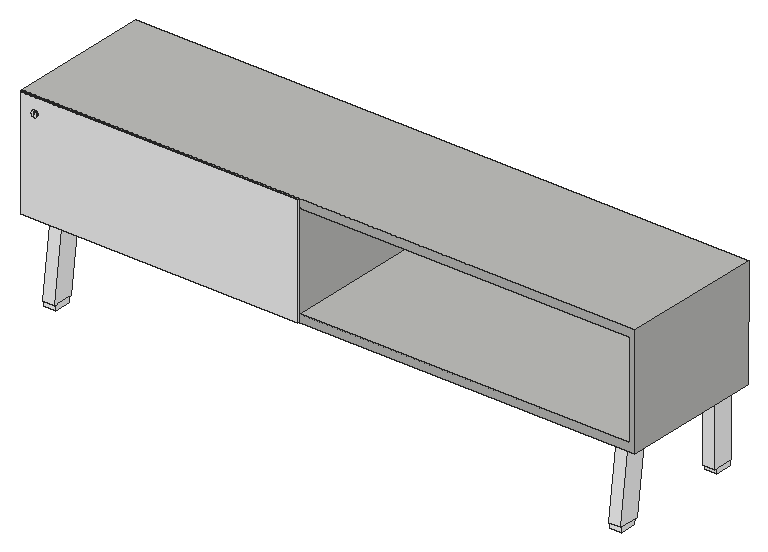
Revit family "Credenza-Freestanding-Teknion-JNFCOL-Open_Lateral_File-R2015", category Furniture, Revit 2015
Parameters (values of type "Metal")
  Width [instance] = 78.000"
  Warranty = "http://www.teknion.com/ca/papers/legal-canada"
  Void Cut [instance] = if(or(Width = 48.000", Width = 54.000"), 18.630", if(Width = 60.000", 24.630", if(Width = 66.000", 30.630", if(Width = 72.000", 36.630", if(Width = 78.000", 42.630", 48.630")))))  # 42.630"
  Unit Weight URL = "http://www.teknion.com/ca/tools/assets#&asset=bee6a381-b954-425e-8283-5a2de3a804f2,f828d448-4b62-4231-9e5f-9a8991c0ed77"
  URL = "www.teknion.com"
  Sustainability Data = "http://www.teknion.com/ca/tools/assets#&topic=216f99a5-57a0-44fc-b10a-9dee9b29ae4c&asset=444deb64-fe58-4b68-981e-f75e97781df7"
  Series = "Expansion Cityline"  # constant formula
  Seat Pad Width [instance] = 42.000"
  Product Page URL = "http://www.teknion.com/ca/products/product-details?productlineid=9ad2a26e-8e7a-673b-a6c8-ff05004460c4"
  Product Line = "Expansion Cityline"  # constant formula
  Product Documentation Link = "http://www.teknion.com/pricing/expansion-cityline/pdfs/JNFCLL_ppg.pdf"
  Part Number = "JNFCOL"  # constant formula
  Available Widths [instance] = "48, 54, 60, 66, 72, 78, and 84 Inches"  # constant formula
  Model = "JNFCOLMA2418_S"
  Manufacturer Phone = "416-661-3370"  # constant formula
  Manufacturer Fax = "416.661.4586"  # constant formula
  Manufacturer Contact Information = "http://www.teknion.com/ca/contactus"
  Manufacturer Address = "1150 Flint Road, Toronto, ON. M3J 2J5. Canada"  # constant formula
  Manufacturer = "Teknion"  # constant formula
  Leg Paint Finish [instance] = Mica - Teknion - V - Satin - Very White
  Has Solid Front Style [instance] = not(Has Metal Front Style)  # no
  Has Seat Pad Felt [instance] = no
  Has Metal Front Style = yes
  Front Finish = Mica - Teknion - V - Satin - Very White
  Front Drawer Depth [instance] = if(Has Metal Front Style, 0.118", 0.701")  # 0.118"
  Felt Finish [instance] = Fabric-Teknion-RB11-Carbon
  Description = "Freestanding Credenza – Open with Lateral File, Metal Front, Angled Foot, 24\" Height, 18\" Depth, Single-Sided Configuration"
  Case Finish [instance] = Source Laminate - Teknion - RV - Very White
  Available Seat Pad Widths [instance] = "24, 30, 36, 42, 48 Inches"  # constant formula
  Available Seat Pad Offsets [instance] = 1.000"
  Assembly Code = "E2020200"
Types (2): name | Product Documentation Link | Model | Has Solid Front Style | Has Seat Pad Felt | Has Metal Front Style | Front Finish | Front Drawer Depth | Description
  Metal | "http://www.teknion.com/pricing/expansion-cityline/pdfs/JNFCLL_ppg.pdf" | "JNFCOLMA2418_S" | no | no | yes | Mica - Teknion - V - Satin - Very White | 0.118" | "Freestanding Credenza – Open with Lateral File, Metal Front, Angled Foot, 24\" Height, 18\" Depth, Single-Sided Configuration"
  Solid | "http://www.teknion.com/pricing/expansion-cityline/pdfs/JNFCOL_ppg.pdf" | "JNFCOLSA2418_S" | yes | yes | no | Source Laminate - Teknion - RV - Very White | 0.701" | "Freestanding Credenza – Open with Lateral File, Solid Front, Angled Foot, 24\" Height, 18\" Depth, Single-Sided Configuration"
Reference planes (in)
  plane 1 "Center Front/Back": y = -0.84646
  plane 2: z = 0
  plane 3 "Center Left/Right": x = -39
  plane 4 "Left": x = -78
  plane 5 "Right": x = 0
  plane 6 "Back": y = 8.15354
  plane 7 "Front": y = -9.84646
  plane 8 "Top": z = 24.12496
  plane 9: z = 10
  plane 10: y = -10.04331
  plane 11: y = -10.16131
  plane 12: x = -2.23228
  plane 13: x = -3.76772
  plane 14: x = -75.76772
  plane 15: x = -74.23228
  plane 16: y = -10.22045
  plane 17: z = 0.60236
  plane 18: x = -77
  plane 19: x = -35
  plane 20: z = 24.06591
  plane 21: z = 10.11811
  plane 22: x = -42.63
  plane 23: z = 23.10921
  plane 24: z = 11.01575
  plane 25: x = -0.70079
  plane 26: y = 7.45254
Forms (in)
  Extrusion 1, solid, material "Source Laminate - Teknion - RV - Very White" <- "Case Finish"
    sketch origin (0, 0, 24.12496) x (-1, 0, 0) y (0, -1, 0)
      loop
        line (78, -8.15354) -> (78, 9.84646) -> (0, 9.84646) -> (0, -8.15354) -> (78, -8.15354)
    from 0 to -14.12496
  Extrusion 2, solid, material "Mica - Teknion - V - Satin - Very White" <- "Leg Paint Finish"
    sketch origin (-39, 0, 0) x (0, 1, 0) y (0, 0, 1)
      loop
        line (-9.30637, 0.60236) -> (-6.7848, 0.60236) -> (-5.54758, 10) -> (-8.06915, 10) -> (-9.30637, 0.60236)
    from 35.23228 to 36.76772
  Extrusion 3, solid, material "Mica - Teknion - V - Satin - Very White" <- "Leg Paint Finish"
    sketch origin (-39, 0, 0) x (0, 1, 0) y (0, 0, 1)
      loop
        line (-7.21265, 0) -> (-7.13335, 0.60236) -> (-9.16739, 0.60236) -> (-9.24669, 0) -> (-7.21265, 0)
    from 35.23228 to 36.76772
  Extrusion 4, solid, material "Mica - Teknion - V - Satin - Very White" <- "Leg Paint Finish"
    sketch origin (-36, 0, 0) x (0, 1, 0) y (0, 0, -1)
      loop
        line (-9.30637, -0.60236) -> (-8.06915, -10) -> (-5.54758, -10) -> (-6.7848, -0.60236) -> (-9.30637, -0.60236)
    from 38.23228 to 39.76772
  Extrusion 5, solid, material "Mica - Teknion - V - Satin - Very White" <- "Leg Paint Finish"
    sketch origin (-36, 0, 0) x (0, 1, 0) y (0, 0, -1)
      loop
        line (-7.21265, 0) -> (-9.24669, 0) -> (-9.16739, -0.60236) -> (-7.13335, -0.60236) -> (-7.21265, 0)
    from 38.23228 to 39.76772
  Extrusion 6, solid, material "Mica - Teknion - V - Satin - Very White" <- "Front Finish"
    sketch origin (0, -9.84646, 0) x (-1, 0, 0) y (0, 0, -1)
      loop
        line (42.689, -24.06591) -> (78, -24.06591) -> (78, -10.11811) -> (42.689, -10.11811) -> (42.689, -24.06591)
    from 0.19685 to 0.31485
  Extrusion 7, solid, material "Mica - Teknion - V - Satin - Very White" <- "Leg Paint Finish"
    sketch origin (-2.23228, -7.61346, 48) x (0, -1, 0) y (0, 0, 1)
      loop
        line (-13.20795, -47.39764) -> (-13.20795, -38) -> (-15.767, -38) -> (-15.767, -47.39764) -> (-13.20795, -47.39764)
    from 0 to 1.53543
  Extrusion 8, solid, material "Mica - Teknion - V - Satin - Very White" <- "Leg Paint Finish"
    sketch origin (-75.76772, -7.61346, 48) x (0, -1, 0) y (0, 0, -1)
      loop
        line (-13.20795, 38) -> (-13.20795, 47.39764) -> (-15.767, 47.39764) -> (-15.767, 38) -> (-13.20795, 38)
    from 0 to 1.53543
  Extrusion 9, solid, material "Mica - Teknion - V - Satin - Very White" <- "Leg Paint Finish"
    sketch origin (-75.76772, -7.61346, 48) x (0, -1, 0) y (0, 0, -1)
      loop
        line (-13.5535, 48) -> (-15.57015, 48) -> (-15.57015, 47.39764) -> (-13.5535, 47.39764) -> (-13.5535, 48)
    from 0 to 1.53543
  Extrusion 10, solid, material "Mica - Teknion - V - Satin - Very White" <- "Leg Paint Finish"
    sketch origin (-20.23228, -7.61346, 48) x (0, -1, 0) y (0, 0, 1)
      loop
        line (-13.5535, -48) -> (-13.5535, -47.39764) -> (-15.57015, -47.39764) -> (-15.57015, -48) -> (-13.5535, -48)
    from -18 to -16.46457
  Extrusion 11, solid, material "Fabric-Teknion-RB11-Carbon" <- "Felt Finish", visible <- "Has Seat Pad Felt"
    sketch origin (0, 0, 24.12496) x (-1, 0, 0) y (0, -1, 0)
      loop
        line (77, -8.15354) -> (77, 9.84646) -> (35, 9.84646) -> (35, -8.15354) -> (77, -8.15354)
    from 0 to 0.5512
  Extrusion 12, solid, material "Mica - Teknion - V - Satin - Very White"
    sketch origin (-59.27952, -9.84646, 0) x (-1, 0, 0) y (0, 0, -1)
      loop
        circle (16.88743, -22.17614) r 0.3922
      loop
        line (16.84055, -22.36315) -> (16.93898, -22.36315) -> (16.93898, -21.98913) -> (16.84055, -21.98913) -> (16.84055, -22.36315)
    from 0.31485 to 0.37399
  Extrusion 13, void
    sketch origin (0, -9.84646, 0) x (-1, 0, 0) y (0, 0, -1)
      loop
        line (42.63, -23.10921) -> (42.63, -11.01575) -> (0.70079, -11.01575) -> (0.70079, -23.10921) -> (42.63, -23.10921)
    from -17.299 to 0.31485
Cuts and joins
  Extrusion 13 cuts Extrusion 1
Lines and regions (in)
  Masking region 1
    outline origin (0, 0, 24.12496) x (-1, 0, 0) y (0, -1, 0)
      loop
        line (0, -8.15354) -> (78, -8.15354) -> (78, 9.84646) -> (0, 9.84646) -> (0, -8.15354)
  Masking region 2
    outline origin (0, 0, 24.12496) x (-1, 0, 0) y (0, -1, 0)
      loop
        line (75.77579, 10.16131) -> (76.56215, 10.16131) -> (76.56215, 10.22045) -> (75.77579, 10.22045) -> (75.77579, 10.16131)
  Masking region 3, visible <- "Has Seat Pad Felt"
    outline origin (0, 0, 24.12496) x (-1, 0, 0) y (0, -1, 0)
      loop
        line (77, -8.15354) -> (77, 9.84646) -> (35, 9.84646) -> (35, -8.15354) -> (77, -8.15354)
  Masking region 4
    outline origin (0, 0, 24.12496) x (-1, 0, 0) y (0, -1, 0)
      loop
        line (78, 10.04331) -> (78, 10.16131) -> (42.689, 10.16131) -> (42.689, 10.04331) -> (78, 10.04331)
  symbolic lines, style "FurnitureHiddenLines", detail levels medium+fine
    curve 1: line (-74.23228, -9.30637, 24.12496) -> (-74.23228, -5.54758, 24.12496)
    curve 2: line (-75.76772, -5.54758, 24.12496) -> (-74.23228, -5.54758, 24.12496)
    curve 3: line (-75.76772, -9.30637, 24.12496) -> (-75.76772, -5.54758, 24.12496)
    curve 4: line (-75.76772, -9.30637, 24.12496) -> (-74.23228, -9.30637, 24.12496)
    curve 7: line (-3.76772, -5.54758, 24.12496) -> (-2.23228, -5.54758, 24.12496)
    curve 8: line (-2.23228, -9.30637, 24.12496) -> (-2.23228, -5.54758, 24.12496)
    curve 9: line (-3.76772, -9.30637, 24.12496) -> (-2.23228, -9.30637, 24.12496)
    curve 10: line (-3.76772, -9.30637, 24.12496) -> (-3.76772, -5.54758, 24.12496)
    curve 15: line (-75.76772, 8.15354, 24.12496) -> (-75.76772, 5.59449, 24.12496)
    curve 16: line (-75.76772, 5.59449, 24.12496) -> (-74.23228, 5.59449, 24.12496)
    curve 17: line (-74.23228, 5.59449, 24.12496) -> (-74.23228, 8.15354, 24.12496)
    curve 21: line (-3.76772, 8.15354, 24.12496) -> (-3.76772, 5.59449, 24.12496)
    curve 23: line (-3.76772, 5.59449, 24.12496) -> (-2.23228, 5.59449, 24.12496)
    curve 24: line (-2.23228, 5.59449, 24.12496) -> (-2.23228, 8.15354, 24.12496)
    curve 29: line (-42.63, 7.45254, 24.12496) -> (-42.63, -9.84646, 24.12496)
    curve 30: line (-0.70079, 7.45254, 24.12496) -> (-42.63, 7.45254, 24.12496)
    curve 31: line (-0.70079, -9.84646, 24.12496) -> (-0.70079, 7.45254, 24.12496)
  symbolic lines, style "FurnitureHiddenLines", detail levels fine
    curve 5: line (-75.76772, -9.24669, 24.12496) -> (-74.23228, -9.24669, 24.12496)
    curve 6: line (-74.23228, -7.13335, 24.12496) -> (-75.76772, -7.13335, 24.12496)
    curve 11: line (-2.23228, -7.13335, 24.12496) -> (-3.76772, -7.13335, 24.12496)
    curve 12: line (-3.76772, -7.13335, 24.12496) -> (-3.76772, -9.16739, 24.12496)
    curve 13: line (-3.76772, -9.16739, 24.12496) -> (-2.23228, -9.16739, 24.12496)
    curve 14: line (-2.23228, -9.16739, 24.12496) -> (-2.23228, -7.13335, 24.12496)
    curve 18: line (-75.76772, 5.94004, 24.12496) -> (-74.23228, 5.94004, 24.12496)
    curve 19: line (-74.23228, 7.95669, 24.12496) -> (-75.76772, 7.95669, 24.12496)
    curve 20: line (-2.23228, 7.95669, 24.12496) -> (-3.76772, 7.95669, 24.12496)
    curve 22: line (-3.76772, 5.94004, 24.12496) -> (-2.23228, 5.94004, 24.12496)
  reference lines, not visible
    curve 25: line (-78, 8.15354, 0) -> (-78, -10.16131, 0)
    curve 26: line (-78, 8.15354, 0) -> (0, 8.15354, 0)
    curve 27: line (0, 8.15354, 0) -> (0, -10.16131, 0)
    curve 28: line (0, -10.16131, 0) -> (-78, -10.16131, 0)
Dimensions and locks (in)
  equal spacing: plane 4 "Left", plane 3 "Center Left/Right", plane 5 "Right"
  locked: plane 6 "Back" to plane 7 "Front" at 18
  plane 8 "Top" to level = 24.12496"
  "Width": plane 4 "Left" to plane 5 "Right"
  equal spacing: plane 6 "Back", plane 1 "Center Front/Back", plane 7 "Front"
  Extrusion 2 sketch curve to Extrusion 2 sketch curve to Extrusion 2 sketch curve to Extrusion 2 sketch curve to plane 7 "Front" = 1.23722" locked, 1.28435" locked, 1.23722" locked, 0.54009" locked
  Extrusion 3 sketch curve to Extrusion 3 sketch curve to Extrusion 3 sketch curve to Extrusion 3 sketch curve to plane 7 "Front" = 0.0793" locked, 1.95473" locked, 0.0793" locked, 0.59977" locked
  plane 13 to plane 12 to plane 25 to plane 5 "Right" = 1.53543" locked, 1.5315" locked, 0.70079" locked
  locked: plane 10 to plane 7 "Front" at 0.19685
  "Front Drawer Depth": plane 10 to plane 11
  Extrusion 4 sketch curve to Extrusion 4 sketch curve to Extrusion 4 sketch curve to Extrusion 4 sketch curve to plane 7 "Front" = 1.23722" locked, 1.28435" locked, 1.23722" locked, 0.54009" locked
  Extrusion 5 sketch curve to Extrusion 5 sketch curve to Extrusion 5 sketch curve to Extrusion 5 sketch curve to plane 7 "Front" = 0.0793" locked, 1.95473" locked, 0.0793" locked, 0.59977" locked
  plane 15 to plane 14 to plane 4 "Left" = 1.53543" locked, 2.23228" locked
  locked: Extrusion 4 sketch curve to plane 2 at 0.60236
  locked: Extrusion 5 sketch curve to plane 2 at 0.60236
  locked: plane 11 to plane 16 at 0.05914
  locked: Masking region 2 sketch curve to plane 11 at 0.05914
  locked: plane 6 "Back" to Extrusion 8 sketch curve at 2.55906
  plane 1 "Center Front/Back" to Extrusion 10 sketch curve to Extrusion 10 sketch curve = 6.7865" locked, 2.01665" locked
  locked: Extrusion 11 to plane 8 "Top" at 0.5512
  plane 20 to plane 23 to plane 24 to plane 21 to plane 9 to plane 17 to level = 0.95669" locked, 12.09346" locked, 0.89764" locked, 0.11811" locked, 9.39764" locked, 0.60236" locked
  Extrusion 12 sketch curve to Extrusion 12 sketch curve to plane 4 "Left" = 0.09843" locked, 1.7815" locked
  Extrusion 12 sketch curve to Extrusion 12 sketch curve to plane 4 "Left" = 0.3922" locked, 1.44085" locked
  plane 20 to Extrusion 12 sketch curve to Extrusion 12 sketch curve to Extrusion 12 sketch curve = 1.70276" locked, 0.18701" locked, 0.18701" locked
  plane 4 "Left" to Masking region 2 to Masking region 2 = 1.43785" locked, 0.78636" locked
  "Void Cut": plane 22 to plane 5 "Right"
  locked: plane 6 "Back" to plane 26 at 0.701
  locked: plane 22 to Extrusion 6 sketch curve at 0.059
  "Available Seat Pad Offsets": plane 4 "Left" to plane 18
  "Seat Pad Width": plane 18 to plane 19
  Extrusion 7 sketch curve to Extrusion 7 sketch curve to plane 6 "Back" = 2.55906" locked, 0.000" locked
  Extrusion 9 sketch curve to Extrusion 9 sketch curve to plane 1 "Center Front/Back" = 2.01665" locked, 6.7865" locked
  aligned and locked: level to plane 2
  aligned and locked: Extrusion 1 sketch curve to plane 4 "Left"
  aligned and locked: Extrusion 1 sketch curve to plane 6 "Back"
  aligned and locked: Extrusion 1 sketch curve to plane 5 "Right"
  aligned and locked: Extrusion 1 sketch curve to plane 7 "Front"
  aligned and locked: Extrusion 1 to plane 9
  aligned and locked: Extrusion 1 to plane 8 "Top"
  aligned and locked: plane 9 to Extrusion 2 sketch curve
  aligned and locked: plane 2 to Extrusion 3 sketch curve
  aligned and locked: Extrusion 2 to plane 12
  aligned and locked: plane 13 to Extrusion 2
  aligned and locked: Extrusion 3 to plane 12
  aligned and locked: plane 13 to Extrusion 3
  aligned and locked: plane 14 to Extrusion 4
  aligned and locked: Extrusion 4 to plane 15
  aligned and locked: plane 14 to Extrusion 5
  aligned and locked: Extrusion 5 to plane 15
  aligned and locked: Extrusion 4 sketch curve to plane 9
  aligned and locked: Extrusion 5 sketch curve to plane 2
  aligned and locked: Extrusion 6 sketch curve to plane 4 "Left"
  aligned and locked: plane 10 to Extrusion 6
  aligned and locked: Extrusion 6 to plane 11
  aligned and locked: plane 15 to curve 1
  aligned and locked: plane 14 to curve 3
  aligned and locked: curve 8 to plane 12
  aligned and locked: curve 10 to plane 13
  aligned and locked: Extrusion 7 sketch curve to plane 9
  aligned and locked: plane 13 to Extrusion 7
  aligned and locked: Extrusion 7 to plane 12
  aligned and locked: plane 9 to Extrusion 8 sketch curve
  aligned and locked: plane 6 "Back" to Extrusion 8 sketch curve
  aligned and locked: plane 15 to Extrusion 8
  aligned and locked: Extrusion 8 to plane 14
  aligned and locked: plane 2 to Extrusion 9 sketch curve
  aligned and locked: plane 15 to Extrusion 9
  aligned and locked: Extrusion 9 to plane 14
  aligned and locked: Extrusion 10 to plane 12
  aligned and locked: plane 13 to Extrusion 10
  aligned and locked: plane 2 to Extrusion 10 sketch curve
  aligned and locked: Extrusion 8 sketch curve to plane 17
  aligned and locked: Extrusion 9 sketch curve to plane 17
  aligned and locked: plane 17 to Extrusion 7 sketch curve
  aligned and locked: plane 17 to Extrusion 10 sketch curve
  aligned and locked: Extrusion 11 sketch curve to plane 18
  aligned and locked: Extrusion 11 sketch curve to plane 6 "Back"
  aligned and locked: plane 19 to Extrusion 11 sketch curve
  aligned and locked: Extrusion 11 sketch curve to plane 7 "Front"
  aligned and locked: Extrusion 11 to plane 8 "Top"
  aligned and locked: Masking region 3 sketch curve to plane 18
  aligned and locked: Masking region 3 sketch curve to plane 6 "Back"
  aligned and locked: plane 19 to Masking region 3 sketch curve
  aligned and locked: Masking region 3 sketch curve to plane 7 "Front"
  aligned and locked: curve 25 to plane 4 "Left"
  aligned and locked: curve 26 to plane 6 "Back"
  aligned and locked: curve 27 to plane 5 "Right"
  aligned and locked: curve 28 to plane 11
  aligned and locked: plane 20 to Extrusion 6 sketch curve
  aligned and locked: Extrusion 6 sketch curve to plane 21
  aligned and locked: Extrusion 12 to plane 16
  aligned and locked: plane 11 to Extrusion 12
  aligned and locked: Extrusion 13 sketch curve to plane 23
  aligned and locked: plane 22 to Extrusion 13 sketch curve
  aligned and locked: Extrusion 13 sketch curve to plane 24
  aligned and locked: Extrusion 13 sketch curve to plane 25
  aligned and locked: Extrusion 13 to plane 26
  aligned and locked: Extrusion 13 to plane 11
  aligned and locked: Masking region 4 sketch curve to plane 10
  aligned and locked: Masking region 4 sketch curve to plane 4 "Left"
  aligned and locked: plane 11 to Masking region 4 sketch curve
  aligned and locked: plane 17 to Extrusion 2 sketch curve
  aligned and locked: curve 19 to Extrusion 9
  aligned and locked: curve 20 to Extrusion 10
  aligned and locked: Masking region 1 sketch curve to plane 5 "Right"
  aligned and locked: curve 18 to Extrusion 9
  aligned and locked: curve 16 to Extrusion 8
Automatic sketch dimensions
  level to Extrusion 3 sketch curve = 0.60236"
  curve 11 to plane 12 = 0.000"
  curve 11 to plane 13 = 0.000"
  plane 6 "Back" to curve 21 = 0.000"
  curve 17 to plane 6 "Back" = 0.000"
  curve 15 to plane 6 "Back" = 0.000"
  plane 6 "Back" to curve 24 = 0.000"
  curve 7 to curve 14 = 1.58577"
  curve 13 to curve 8 = 0.13898"
  Masking region 2 sketch curve to plane 11 = 0.000"
  Masking region 2 sketch curve to plane 3 "Center Left/Right" = 36.77579"
  Masking region 2 sketch curve to Masking region 2 sketch curve = 0.78636"
  plane 7 "Front" to curve 29 = 0.000"
  plane 7 "Front" to curve 31 = 0.000"
  plane 6 "Back" to Masking region 1 sketch curve = 0.000"
  plane 7 "Front" to Masking region 1 sketch curve = 0.000"
  Masking region 1 sketch curve to plane 4 "Left" = 0.000"
  Masking region 4 sketch curve to plane 22 = 0.059"
  curve 31 to plane 25 = 0.000"
  curve 29 to plane 22 = 0.000"
  curve 30 to plane 26 = 0.000"
  curve 3 to curve 6 = 1.58577"
  curve 5 to curve 4 = 0.05968"
  curve 3 to plane 7 "Front" = 4.29888"
  curve 4 to plane 7 "Front" = 0.54009"
  curve 24 to plane 12 = 0.000"
  curve 21 to plane 13 = 0.000"
  curve 22 to curve 23 = 0.34555"
  curve 7 to plane 7 "Front" = 4.29888"
  curve 13 to plane 7 "Front" = 0.67907"
  curve 23 to plane 26 = 1.85806"
  curve 17 to plane 15 = 0.000"
  curve 18 to plane 14 = 0.000"
